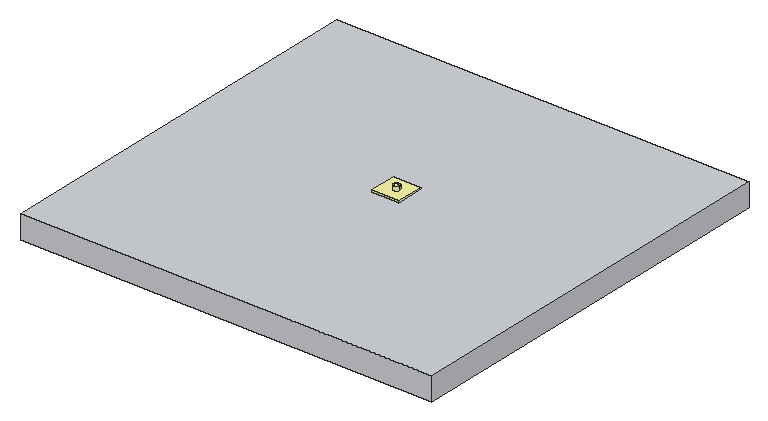
Revit family "ES_Dimmer Switch", category Lighting Devices, host Face, Revit 2013
Parameters (values of type "1 Gang")
  Switch Voltage = 230 V
  Load Classification = Other
  Label = ""
  Default Elevation = 1200 mm
  Assembly Code = ""
  Apparent Load = 0 VA
Reference planes
  plane 1 "Center (Front/Back)": y = 0
  plane 2: z = 0
  plane 3 "Center (Left/Right)": x = 0
  plane 4 "level above": z = 4.762
  plane 5 "level below": z = -53.975
  plane 6: x = -43
  plane 7: x = 43
  plane 8: y = 43
  plane 9: y = -43
  plane 10: y = 32
  plane 11: y = -32
  plane 12: x = -32
  plane 13: x = 32
Forms (mm)
  Extrusion 1, solid
    sketch origin (0, 0, 0) x (1, 0, 0) y (0, 1, 0)
      loop
        line (-644.525, 571.5) -> (-644.525, -666.75) -> (644.525, -666.75) -> (644.525, 571.5) -> (-644.525, 571.5)
    from 0 to -72.672
  Extrusion 2, solid, material "Face Plate"
    sketch origin (0, 0, 0) x (1, 0, 0) y (0, 1, 0)
      loop
        line (-43, 43) -> (-43, -43) -> (43, -43) -> (43, 43) -> (-43, 43)
    from 0 to 4.762
  Extrusion 3, solid
    sketch origin (0, 0, 0) x (1, 0, 0) y (0, 1, 0)
      loop
        line (-32, 32) -> (-32, -32) -> (32, -32) -> (32, 32) -> (-32, 32)
    from 0 to -53.975
  Extrusion 4, solid, material "Face Plate"
    sketch origin (0, 0, 4.762) x (-1, 0, 0) y (0, -1, 0)
      loop
        circle (0, 0.013) r 10
    from 0 to 10
  Revolve 5, void
    sketch origin (0, 0, 0) x (1, 0, 0) y (0, 0, 1)
      loop
        arc (-8.964, 14.762) -> (-8.446, 14.244) -> (-7.927, 14.762) r 0.518
        line (-7.927, 14.762) -> (-8.964, 14.762)
      axis (0, 14.762) -> (0, 13.762)
    angle from 0 to 360
Cuts and joins
  Revolve 5 cuts Extrusion 4
Lines and regions (mm)
  symbolic lines, detail levels fine
    curve 1: line (34.925, 0, 0) -> (-35.285, 0, 0)
    curve 2: line (34.925, 0, 4.762) -> (34.925, 0, 0)
    curve 3: line (-35.285, 0, 4.762) -> (34.925, 0, 4.762)
    curve 4: line (-35.285, 0, 0) -> (-35.285, 0, 4.762)
    curve 5: line (19.05, 0, -53.975) -> (-19.41, 0, -53.975)
    curve 6: line (19.05, 0, 0) -> (19.05, 0, -53.975)
    curve 7: line (-19.41, 0, -53.975) -> (-19.41, 0, 0)
Dimensions and locks
  locked: plane 4 "level above" to level at 4.763
  locked: level to plane 5 "level below" at 53.975
  plane 6 to plane 3 "Center (Left/Right)" to plane 7 = 43 mm, 43 mm
  plane 6 to plane 7 = 86 mm
  plane 1 "Center (Front/Back)" to plane 9 = 43 mm
  plane 1 "Center (Front/Back)" to plane 8 = 43 mm
  plane 12 to plane 3 "Center (Left/Right)" to plane 13 = 32 mm, 32 mm
  plane 10 to plane 1 "Center (Front/Back)" to plane 11 = 32 mm, 32 mm
  plane 12 to plane 13 = 64 mm
  plane 10 to plane 11 = 64 mm
  aligned and locked: plane 2 to Extrusion 1
  aligned and locked: level to Extrusion 1
  aligned and locked: Extrusion 2 to level
  aligned and locked: plane 4 "level above" to Extrusion 2
  aligned and locked: Extrusion 3 to level
  aligned and locked: Extrusion 3 to plane 5 "level below"
Nested families
  nested 1: "SW_Dim" at (0, 0, 0), type "SW_Dim"
Connectors
  electrical at (0, 0, 0)
    settings: on Extrusion 2, index 1, voltage 0 V, apparent load 0 VA, apparent load phase1 0 VA, apparent load phase2 0 VA, apparent load phase3 0 VA, power factor 1, load classification "Other", number of poles 1, system type 31, power factor state 1, is connector primary yes, connector utility no, sub classification motor no, connector description ""
Definition of nested family "SW_Dim"
  Reference planes
    plane 1: y = 0
    plane 2: x = 0
  Lines and regions (mm)
    Filled region 1, type "Filled region 1"
      outline origin (0, 0, 0) x (1, 0, 0) y (0, 1, 0)
        loop
          circle (0, 0.837) r 0.85
    detail lines, style "Switch Symbols"
      curve 1: line (0, 0.837, 0) -> (3.157, 3.994, 0)
  Text (mm)
    text "D" at (-0.088, 3.445, 0)
